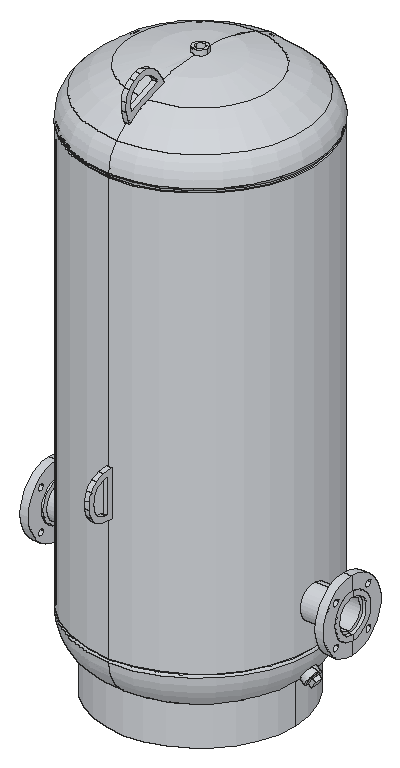
Revit family "CBT-120-3", category Generic Models, Revit 2014
Parameters (values of type "CBT-120-3")
  URL = "http://westank.com/"
  Tank Volume = 120.00 gal
  Shipping Weight = 410.00 lbf
  Part Number = 55240120
  Model = "CBT-120-3"
  Flange Connector Diameter = 3"
  Description = "Wessels ASME Chilled Water Buffer Tanks (CBT) are designed for chilled water systems with insufficient water volume capacity in relation to the chiller capacity."
  D = 12 1/2"
  C = 19.99807"
  B = 60"
  A = 24"
Reference planes (in)
  plane 1 "Center (Front/Back)": y = 0
  plane 2: z = 0
  plane 3 "Center (Left/Right)": x = 0
  plane 4: through (12.55282, -180, 5.24135) normal (0.8192, 0, -0.5736)
  plane 5: z = 60
  plane 6: x = -9.99904
  plane 7: x = 9.99904
  plane 8: x = -12
  plane 9: x = 12
  plane 10: y = 12
  plane 11: y = -12
  plane 12: z = 12.5
Forms (in)
  Revolve 1, solid
    sketch origin (0, 0, 0) x (0, 1, 0) y (0, 0, 1)
      loop
        arc (-9.83101, 4.11424) -> (-7.79074, 2.94425) -> (-5.56568, 2.18221) r 12.35166
        arc (-5.56568, 2.18221) -> (-4.72655, 1.99447) -> (-3.88233, 1.83116) r 29.62981
        arc (-3.88233, 1.83116) -> (-1.94875, 1.5746) -> (0, 1.4915) r 21.84895
        line (0, 1.4915) -> (0, 1.65929)
        arc (0, 1.65929) -> (-1.35631, 1.72935) -> (-2.7096, 1.84384) r 41.42336
        arc (-2.7096, 1.84384) -> (-4.29668, 2.07784) -> (-5.85586, 2.45541) r 17.59706
        arc (-5.85586, 2.45541) -> (-7.96801, 3.24984) -> (-9.93425, 4.35719) r 14.74916
        arc (-9.93425, 4.35719) -> (-11.28742, 5.80966) -> (-11.85018, 7.71336) r 4.32984
        arc (-11.85018, 7.71336) -> (-11.81699, 7.79381) -> (-11.76254, 7.86171) r 0.30676
        arc (-11.76254, 7.86171) -> (-11.65716, 8.06319) -> (-11.7003, 8.28643) r 0.3444
        line (-11.7003, 8.28643) -> (-11.84851, 8.28643) -> (-11.84851, 53.23643) -> (-11.64597, 53.23643)
        arc (-11.64597, 53.23643) -> (-11.68669, 53.50997) -> (-11.81863, 53.75302) r 0.7952
        arc (-11.81863, 53.75302) -> (-11.84499, 53.79032) -> (-11.86692, 53.83038) r 0.40051
        arc (-11.86692, 53.83038) -> (-11.57837, 55.15816) -> (-10.81368, 56.28132) r 3.5625
        arc (-10.81368, 56.28132) -> (-9.13055, 57.64322) -> (-7.20864, 58.64022) r 10.74973
        arc (-7.20864, 58.64022) -> (-3.66872, 59.63274) -> (0, 59.87064) r 17.65577
        line (0, 59.87064) -> (0, 60.02076)
        arc (0, 60.02076) -> (-3.69689, 59.7801) -> (-7.26395, 58.77965) r 17.80577
        arc (-7.26395, 58.77965) -> (-9.21268, 57.76874) -> (-10.9193, 56.38783) r 10.89973
        arc (-10.9193, 56.38783) -> (-11.72267, 55.20221) -> (-12.01747, 53.80072) r 3.7125
        arc (-12.01747, 53.80072) -> (-11.98199, 53.72714) -> (-11.93601, 53.65963) r 0.55051
        arc (-11.93601, 53.65963) -> (-11.85613, 53.53057) -> (-11.80861, 53.38643) r 0.6452
        line (-11.80861, 53.38643) -> (-11.99851, 53.38643) -> (-11.99851, 8.13643) -> (-11.80492, 8.13643)
        arc (-11.80492, 8.13643) -> (-11.81524, 8.04663) -> (-11.86505, 7.97121) r 0.1944
        arc (-11.86505, 7.97121) -> (-11.95237, 7.85922) -> (-12.00107, 7.72583) r 0.45676
        arc (-12.00107, 7.72583) -> (-11.36713, 5.64899) -> (-9.83101, 4.11424) r 4.47984
      axis (0, 1.4915) -> (0, 60.02076)
    angle from 0 to 360
  Revolve 2, solid
    sketch origin (0, 0, 0) x (-1, 0, 0) y (0, 0, 1)
      loop
        line (14.8125, 10.81055) -> (14.8125, 10.37805) -> (15.0625, 10.37805) -> (15.0625, 8.75) -> (15.94384, 8.75) -> (15.94384, 10.00282) -> (16, 10.00282) -> (16, 10.81055) -> (14.8125, 10.81055)
      axis (16, 12.5) -> (14.8125, 12.5)
    angle from 0 to 360
  Revolve 3, solid
    sketch origin (0, 0, 0) x (1, 0, 0) y (0, 0, 1)
      loop
        line (11.71753, 6.11956) -> (11.66586, 6.1556) -> (11.25436, 5.56561) -> (11.86992, 5.13627) -> (12.24588, 5.6753) -> (12.19462, 5.71106) -> (12.31904, 5.88945) -> (11.80641, 6.24699) -> (11.71753, 6.11956)
      axis (11.25436, 5.56561) -> (11.86992, 5.13627)
    angle from 0 to 360
  Extrusion 4, solid
    sketch origin (12.55282, -180, 5.24135) x (0.573576, 0, 0.819152) y (0, -1, 0)
      loop
        line (-0.16036, -179.52645) -> (-0.95521, -179.68698) -> (-0.79485, -180.48095) -> (0, -180.32042) -> (-0.16036, -179.52645)
    from -1.04121 to 0
  Extrusion 5, solid
    sketch origin (0, 0, 0) x (0, 1, 0) y (0, 0, 1)
      loop
        line (-11.93439, 21.33067) -> (-11.93439, 26.202)
        arc (-11.93439, 26.202) -> (-12.47846, 26.15164) -> (-13.01533, 26.05008) r 5.77422
        arc (-13.01533, 26.05008) -> (-13.49297, 25.89754) -> (-13.94252, 25.67548) r 3.35288
        arc (-13.94252, 25.67548) -> (-14.34081, 25.36666) -> (-14.64962, 24.96837) r 2.0073
        arc (-14.64962, 24.96837) -> (-14.80343, 24.58932) -> (-14.88788, 24.18906) r 2.30742
        arc (-14.88788, 24.18906) -> (-14.91277, 23.77188) -> (-14.88788, 23.3547) r 3.50846
        arc (-14.88788, 23.3547) -> (-14.79412, 22.92876) -> (-14.61961, 22.52904) r 2.24053
        arc (-14.61961, 22.52904) -> (-14.27401, 22.08806) -> (-13.80999, 21.77406) r 1.8078
        arc (-13.80999, 21.77406) -> (-13.34321, 21.55591) -> (-12.84107, 21.44044) r 2.44481
        arc (-12.84107, 21.44044) -> (-12.39043, 21.36326) -> (-11.93439, 21.33067) r 4.65484
      loop
        arc (-12.44611, 25.63929) -> (-12.67227, 25.60073) -> (-12.89654, 25.55235) r 5.2625
        arc (-12.89654, 25.55235) -> (-13.30128, 25.42308) -> (-13.68221, 25.23491) r 2.84116
        arc (-13.68221, 25.23491) -> (-13.97364, 25.01013) -> (-14.20134, 24.72098) r 1.49558
        arc (-14.20134, 24.72098) -> (-14.3163, 24.43235) -> (-14.37979, 24.12821) r 1.7957
        arc (-14.37979, 24.12821) -> (-14.40106, 23.77188) -> (-14.37979, 23.41555) r 2.99674
        arc (-14.37979, 23.41555) -> (-14.30745, 23.08689) -> (-14.17279, 22.77846) r 1.72881
        arc (-14.17279, 22.77846) -> (-13.91552, 22.45353) -> (-13.56884, 22.22643) r 1.29608
        arc (-13.56884, 22.22643) -> (-13.1779, 22.0402) -> (-12.75531, 21.94566) r 1.9331
        arc (-12.75531, 21.94566) -> (-12.60126, 21.91347) -> (-12.44611, 21.88716) r 4.14312
        line (-12.44611, 21.88716) -> (-12.44611, 25.63929)
    from -0.24366 to 0.25634
  Extrusion 6, solid
    sketch origin (0, -25.23675, 38.88211) x (0, 0.366501, -0.930418) y (0, 0.930418, 0.366501)
      loop
        line (-11.41103, 21.34851) -> (-11.41103, 26.20181)
        arc (-11.41103, 26.20181) -> (-12.2185, 26.18219) -> (-13.01533, 26.05008) r 5.77422
        arc (-13.01533, 26.05008) -> (-13.49297, 25.89754) -> (-13.94252, 25.67548) r 3.35288
        arc (-13.94252, 25.67548) -> (-14.34081, 25.36666) -> (-14.64962, 24.96837) r 2.0073
        arc (-14.64962, 24.96837) -> (-14.80343, 24.58932) -> (-14.88788, 24.18906) r 2.30742
        arc (-14.88788, 24.18906) -> (-14.91277, 23.77188) -> (-14.88788, 23.3547) r 3.50846
        arc (-14.88788, 23.3547) -> (-14.79412, 22.92876) -> (-14.61961, 22.52904) r 2.24053
        arc (-14.61961, 22.52904) -> (-14.27401, 22.08806) -> (-13.80999, 21.77406) r 1.8078
        arc (-13.80999, 21.77406) -> (-13.34321, 21.55591) -> (-12.84107, 21.44044) r 2.44481
        arc (-12.84107, 21.44044) -> (-12.12961, 21.33911) -> (-11.41103, 21.34851) r 4.65484
      loop
        arc (-12.44611, 25.63929) -> (-12.67227, 25.60073) -> (-12.89654, 25.55235) r 5.2625
        arc (-12.89654, 25.55235) -> (-13.30128, 25.42308) -> (-13.68221, 25.23491) r 2.84116
        arc (-13.68221, 25.23491) -> (-13.97364, 25.01013) -> (-14.20134, 24.72098) r 1.49558
        arc (-14.20134, 24.72098) -> (-14.3163, 24.43235) -> (-14.37979, 24.12821) r 1.7957
        arc (-14.37979, 24.12821) -> (-14.40106, 23.77188) -> (-14.37979, 23.41555) r 2.99674
        arc (-14.37979, 23.41555) -> (-14.30745, 23.08689) -> (-14.17279, 22.77846) r 1.72881
        arc (-14.17279, 22.77846) -> (-13.91552, 22.45353) -> (-13.56884, 22.22643) r 1.29608
        arc (-13.56884, 22.22643) -> (-13.1779, 22.0402) -> (-12.75531, 21.94566) r 1.9331
        arc (-12.75531, 21.94566) -> (-12.60126, 21.91347) -> (-12.44611, 21.88716) r 4.14312
        line (-12.44611, 21.88716) -> (-12.44611, 25.63929)
    from -0.24366 to 0.25634
  Extrusion 7, solid
    sketch origin (0, 0, 0) x (1, 0, 0) y (0, 1, 0)
      loop
        circle (0, 0) r 0.75
      loop
        circle (0, 0) r 0.5
    from 58.5833 to 60.52076
  Extrusion 8, void
    sketch origin (0, 0.13917, 0.41751) x (0, 1, 0) y (0, 0, -1)
      loop
        circle (1.94931, -14.19258) r 0.38097
      loop
        circle (-2.26671, -14.20039) r 0.38097
      loop
        circle (1.98561, -9.97861) r 0.38097
      loop
        circle (-2.26819, -9.95037) r 0.38097
    from 13.18334 to 17.21816
  Extrusion 9, void
    sketch origin (0, 0, 0) x (1, 0, 0) y (0, 1, 0)
      loop
        circle (0, 0) r 0.5
    from 58.5833 to 62.3834
  Revolve 10, solid
    sketch origin (0, 0, 0) x (1, 0, 0) y (0, 0, 1)
      loop
        line (9.87513, 4.44941) -> (9.87513, 0) -> (10.00001, 0) -> (10.00001, 4.44941) -> (9.87513, 4.44941)
      axis (0, 4.44941) -> (0, 0)
    angle from 0 to 360
  Revolve 11, solid
    sketch origin (0, 0, 0) x (1, 0, 0) y (0, 0, 1)
      loop
        line (-11.375, 10.96686) -> (-15.625, 10.96686) -> (-15.625, 10.75017) -> (-11.375, 10.75017) -> (-11.375, 10.96686)
      axis (-15.625, 12.5) -> (-11.375, 12.5)
    angle from 0 to 360
  Extrusion 12, void
    sketch origin (0, 0, 0) x (0, 1, 0) y (0, 0, 1)
      loop
        circle (0, 12.5) r 1.68945
    from -18.86806 to 18.76515
  Revolve 13, solid
    sketch origin (0, 0, 0) x (1, 0, 0) y (0, 0, 1)
      loop
        line (14.8125, 10.71783) -> (14.8125, 10.37829) -> (15.0625, 10.37829) -> (15.0625, 8.75) -> (15.94384, 8.75) -> (15.94384, 10.1875) -> (16.00634, 10.1875) -> (16.00634, 10.71783) -> (14.8125, 10.71783)
      axis (16.00634, 12.5) -> (14.8125, 12.5)
    angle from 0 to 360
  Extrusion 14, void
    sketch origin (0, -0.18652, 0.42117) x (0, 1, 0) y (0, 0, 1)
      loop
        circle (2.27451, 14.21334) r 0.38097
      loop
        circle (-1.94931, 14.19258) r 0.38097
      loop
        circle (2.31031, 9.95638) r 0.38097
      loop
        circle (-1.94239, 9.95939) r 0.38097
    from 13.18334 to 17.21816
  Revolve 15, solid
    sketch origin (0, 0, 0) x (-1, 0, 0) y (0, 0, 1)
      loop
        line (-11.375, 10.96734) -> (-15.61866, 10.96734) -> (-15.61866, 10.7522) -> (-11.375, 10.7522) -> (-11.375, 10.96734)
      axis (-15.61866, 12.5) -> (-11.375, 12.5)
    angle from 0 to 360
Cuts and joins
  Extrusion 8, Extrusion 14 cuts Revolve 2
  Extrusion 9, Extrusion 12 cuts Revolve 1
  joined: Revolve 1, Extrusion 4, Extrusion 5, Extrusion 6, Extrusion 7, Revolve 10, Revolve 11, Revolve 15
  Extrusion 14 cuts Revolve 13
Dimensions and locks (in)
  "B": plane 5 to level
  "C": plane 7 to plane 6
  equal spacing: plane 9, plane 3 "Center (Left/Right)", plane 8
  "A": plane 9 to plane 8
  "D": plane 12 to level
  aligned and locked: plane 2 to level
  aligned and locked: Revolve 1 sketch curve to Revolve 1 sketch curve
  aligned and locked: Revolve 10 sketch curve to plane 3 "Center (Left/Right)"
Automatic sketch dimensions
  Revolve 1 sketch curve to Revolve 1 sketch curve = 0"  (x35)
  Revolve 1 sketch curve to plane 1 "Center (Front/Back)" = 0"  (x2)
  plane 1 "Center (Front/Back)" to Revolve 1 sketch curve = 0.04449"
  plane 1 "Center (Front/Back)" to Revolve 1 sketch curve = 0.69809"
  plane 1 "Center (Front/Back)" to Revolve 1 sketch curve = 0.93901"
  plane 1 "Center (Front/Back)" to Revolve 1 sketch curve = 1.73475"
  Revolve 1 sketch curve to Revolve 1 sketch curve = 0.95959"
  plane 1 "Center (Front/Back)" to Revolve 1 sketch curve = 3.24468"
  Revolve 1 sketch curve to plane 11 = 4.47284"
  Revolve 1 sketch curve to plane 11 = 3.69471"
  Revolve 1 sketch curve to plane 11 = 0.49477"
  Revolve 1 sketch curve to plane 11 = 0.44712"
  Revolve 1 sketch curve to plane 11 = 0.35403"
  Revolve 1 sketch curve to plane 11 = 0.2997"
  Revolve 1 sketch curve to Revolve 1 sketch curve = 0.10462"
  Revolve 1 sketch curve to plane 11 = 49/256"
  Revolve 1 sketch curve to plane 11 = 0.15149"
  Revolve 1 sketch curve to plane 11 = 0.00208"
  Revolve 1 sketch curve to plane 11 = 0.00149"
  plane 11 to Revolve 1 sketch curve = 0.44088"
  Revolve 1 sketch curve to plane 1 "Center (Front/Back)" = 1.32224"
  Revolve 1 sketch curve to plane 1 "Center (Front/Back)" = 1.45836"
  Revolve 1 sketch curve to Revolve 1 sketch curve = 0.15"  (x2)
  Revolve 1 sketch curve to Revolve 1 sketch curve = 0.02331"
  Revolve 1 sketch curve to Revolve 1 sketch curve = 0.33015"
  Revolve 1 sketch curve to Revolve 1 sketch curve = 0.49864"
  level to Revolve 1 sketch curve = 1.65929"
  Revolve 1 sketch curve to Revolve 1 sketch curve = 0.16779"
  Revolve 1 sketch curve to Revolve 1 sketch curve = 2.42164"
  Revolve 1 sketch curve to Revolve 1 sketch curve = 2.73447"
  Revolve 1 sketch curve to Revolve 1 sketch curve = 3.98882"
  Revolve 1 sketch curve to Revolve 1 sketch curve = 7.65989"
  Revolve 1 sketch curve to Revolve 1 sketch curve = 11.22838"
  Revolve 1 sketch curve to Revolve 1 sketch curve = 0.8283"
  Revolve 1 sketch curve to Revolve 1 sketch curve = 6.41936"
  Revolve 1 sketch curve to plane 5 = 6.76357"
  Revolve 1 sketch curve to Revolve 1 sketch curve = 0.02147"
  Revolve 1 sketch curve to Revolve 1 sketch curve = 0.5152"
  Revolve 1 sketch curve to Revolve 1 sketch curve = 0.61597"
  Revolve 1 sketch curve to plane 5 = 0.12936"
  plane 5 to Revolve 1 sketch curve = 0.02076"
  Revolve 1 sketch curve to Revolve 1 sketch curve = 0.10324"
  Revolve 1 sketch curve to Revolve 1 sketch curve = 0.06037"
  Revolve 3 sketch curve to plane 9 = 0.74564"
  Revolve 3 sketch curve to plane 9 = 0.33414"
  Revolve 3 sketch curve to Revolve 3 sketch curve = 0.05167"
  Revolve 3 sketch curve to Revolve 3 sketch curve = 0.08888"
  Revolve 3 sketch curve to plane 9 = 0.13008"
  plane 9 to Revolve 3 sketch curve = 0.19462"
  Revolve 3 sketch curve to Revolve 3 sketch curve = 0.05126"
  level to Revolve 3 sketch curve = 5.13627"
  Revolve 3 sketch curve to Revolve 3 sketch curve = 0.42934"
  Revolve 3 sketch curve to Revolve 3 sketch curve = 0.12768"
  Revolve 3 sketch curve to Revolve 3 sketch curve = 0"  (x2)
  Revolve 3 sketch curve to Revolve 3 sketch curve = 0.08905"
  plane 1 "Center (Front/Back)" to Extrusion 4 sketch curve = 0.31302"
  Extrusion 4 sketch curve to plane 1 "Center (Front/Back)" = 0.48095"
  Extrusion 4 sketch curve to Extrusion 4 sketch curve = 0.16036"  (x2)
  plane 1 "Center (Front/Back)" to Extrusion 4 sketch curve = 0.47355"
  Extrusion 4 sketch curve to Extrusion 4 sketch curve = 0.79485"
  Extrusion 4 sketch curve to plane 1 "Center (Front/Back)" = 0.32042"
  Extrusion 5 sketch curve to Extrusion 5 sketch curve = 0"  (x33)
  plane 11 to Extrusion 5 sketch curve = 1.04109"
  Extrusion 5 sketch curve to Extrusion 5 sketch curve = 0.11966"
  Extrusion 5 sketch curve to Extrusion 5 sketch curve = 0.25819"
  Extrusion 5 sketch curve to Extrusion 5 sketch curve = 17/256"
  Extrusion 5 sketch curve to Extrusion 5 sketch curve = 0.04958"
  plane 11 to Extrusion 5 sketch curve = 0.44611"
  plane 11 to Extrusion 5 sketch curve = 0.23696"
  Extrusion 5 sketch curve to plane 11 = 0.06561"
  Extrusion 5 sketch curve to plane 11 = 0.16899"
  Extrusion 5 sketch curve to plane 11 = 0.32516"
  Extrusion 5 sketch curve to plane 11 = 0.59568"
  Extrusion 5 sketch curve to Extrusion 5 sketch curve = 0.89706"
  Extrusion 5 sketch curve to Extrusion 5 sketch curve = 0.55648"
  Extrusion 5 sketch curve to Extrusion 5 sketch curve = 0.90165"
  Extrusion 5 sketch curve to Extrusion 5 sketch curve = 0.62139"
  Extrusion 5 sketch curve to Extrusion 5 sketch curve = 27/128"
  Extrusion 5 sketch curve to Extrusion 5 sketch curve = 0.15076"
  Extrusion 5 sketch curve to Extrusion 5 sketch curve = 0.24641"
  Extrusion 5 sketch curve to Extrusion 5 sketch curve = 0.04716"
  Extrusion 5 sketch curve to Extrusion 5 sketch curve = 0.0326"
  Extrusion 5 sketch curve to Extrusion 5 sketch curve = 1.7246"
  Extrusion 5 sketch curve to Extrusion 5 sketch curve = 0.34507"
  Extrusion 5 sketch curve to Extrusion 5 sketch curve = 0.21764"
  Extrusion 5 sketch curve to Extrusion 5 sketch curve = 1.12273"
  Extrusion 5 sketch curve to Extrusion 5 sketch curve = 0.78568"
  Extrusion 5 sketch curve to Extrusion 5 sketch curve = 0.24115"
  Extrusion 5 sketch curve to Extrusion 5 sketch curve = 0.2603"
  Extrusion 5 sketch curve to Extrusion 5 sketch curve = 0.60395"
  Extrusion 5 sketch curve to Extrusion 5 sketch curve = 0.51913"
  Extrusion 5 sketch curve to Extrusion 5 sketch curve = 0.44682"
  Extrusion 5 sketch curve to Extrusion 5 sketch curve = 0.44829"
  Extrusion 6 sketch curve to Extrusion 6 sketch curve = 0"  (x24)
  Extrusion 6 sketch curve to plane 5 = 0.40436"
  Extrusion 6 sketch curve to plane 11 = 3.76493"
  Extrusion 6 sketch curve to Extrusion 6 sketch curve = 0.11966"
  Extrusion 6 sketch curve to Extrusion 6 sketch curve = 0.25819"
  Extrusion 6 sketch curve to Extrusion 6 sketch curve = 17/256"
  Extrusion 6 sketch curve to Extrusion 6 sketch curve = 0.04958"
  Extrusion 6 sketch curve to Extrusion 6 sketch curve = 0.59499"
  Extrusion 6 sketch curve to Extrusion 6 sketch curve = 0.20915"
  Extrusion 6 sketch curve to Extrusion 6 sketch curve = 0.6151"
  Extrusion 6 sketch curve to Extrusion 6 sketch curve = 0.77126"
  Extrusion 6 sketch curve to Extrusion 6 sketch curve = 0.41998"
  Extrusion 6 sketch curve to Extrusion 6 sketch curve = 1.14294"
  Extrusion 6 sketch curve to Extrusion 6 sketch curve = 0.62139"
  Extrusion 6 sketch curve to Extrusion 6 sketch curve = 0.90165"
  Extrusion 6 sketch curve to Extrusion 6 sketch curve = 0.53865"
  Extrusion 6 sketch curve to Extrusion 6 sketch curve = 0.91489"
  Extrusion 6 sketch curve to Extrusion 6 sketch curve = 27/128"
  Extrusion 6 sketch curve to Extrusion 6 sketch curve = 0.15076"
  Extrusion 6 sketch curve to Extrusion 6 sketch curve = 0.24641"
  Extrusion 6 sketch curve to Extrusion 6 sketch curve = 0.04716"
  Extrusion 6 sketch curve to Extrusion 6 sketch curve = 0.0326"
  Extrusion 6 sketch curve to Extrusion 6 sketch curve = 1.7246"
  Extrusion 6 sketch curve to Extrusion 6 sketch curve = 0.34507"
  Extrusion 6 sketch curve to Extrusion 6 sketch curve = 0.21744"
  Extrusion 6 sketch curve to Extrusion 6 sketch curve = 1.12273"
  Extrusion 6 sketch curve to Extrusion 6 sketch curve = 0.78568"
  Extrusion 6 sketch curve to Extrusion 6 sketch curve = 0.24115"
  Extrusion 6 sketch curve to Extrusion 6 sketch curve = 0.2603"
  Extrusion 6 sketch curve to Extrusion 6 sketch curve = 0.60395"
  Extrusion 6 sketch curve to Extrusion 6 sketch curve = 0.51913"
  Extrusion 6 sketch curve to Extrusion 6 sketch curve = 0.44682"
  Extrusion 6 sketch curve to Extrusion 6 sketch curve = 0.44829"
  Extrusion 7 sketch curve to Extrusion 7 sketch curve = 0"  (x2)
  plane 1 "Center (Front/Back)" to Extrusion 7 sketch curve = 0"
  Extrusion 7 sketch curve to plane 3 "Center (Left/Right)" = 0"
  Extrusion 9 sketch curve to Extrusion 9 sketch curve = 0"  (x2)
  plane 1 "Center (Front/Back)" to Extrusion 9 sketch curve = 0"
  Extrusion 9 sketch curve to plane 3 "Center (Left/Right)" = 0"
  Extrusion 9 sketch curve to plane 3 "Center (Left/Right)" = 1/2"
  Revolve 10 sketch curve to level = 0"
  Revolve 10 sketch curve to plane 7 = 0.12391"
  plane 7 to Revolve 10 sketch curve = 0.00098"
  Revolve 10 sketch curve to Revolve 10 sketch curve = 4.44941"
  level to Revolve 10 sketch curve = 4.69941"
  Revolve 10 sketch curve to Revolve 10 sketch curve = 1"
  Revolve 11 sketch curve to plane 12 = 0"
  Revolve 11 sketch curve to plane 8 = 3 5/8"
  plane 8 to Revolve 11 sketch curve = 5/8"
  Revolve 11 sketch curve to Revolve 11 sketch curve = 0.2167"
  Revolve 11 sketch curve to plane 8 = 1.13134"
  Revolve 11 sketch curve to Revolve 11 sketch curve = 0.36015"
  Revolve 15 sketch curve to plane 12 = 0"
  Revolve 15 sketch curve to plane 9 = 3.61866"
  plane 9 to Revolve 15 sketch curve = 5/8"
  Revolve 15 sketch curve to Revolve 15 sketch curve = 0.21515"
  Revolve 15 sketch curve to plane 9 = 1.07817"
  Revolve 15 sketch curve to Revolve 15 sketch curve = 0.36015"
  Revolve 13 sketch curve to plane 12 = 0"
  plane 9 to Revolve 13 sketch curve = 2 13/16"
  Revolve 13 sketch curve to Revolve 13 sketch curve = 1/4"
  Revolve 13 sketch curve to Revolve 13 sketch curve = 0.88134"
  Revolve 13 sketch curve to Revolve 13 sketch curve = 1/16"
  Revolve 13 sketch curve to Revolve 13 sketch curve = 0.33954"
  Revolve 13 sketch curve to Revolve 13 sketch curve = 0.53033"
  Revolve 13 sketch curve to Revolve 13 sketch curve = 1.62829"
  Revolve 13 sketch curve to Revolve 13 sketch curve = 0.63066"
  Revolve 13 sketch curve to Revolve 13 sketch curve = 0.68278"
  level to Revolve 1 sketch curve = 7.63778"
  plane 12 to Revolve 1 sketch curve = 1.69548"
  plane 12 to Extrusion 5 sketch curve = 7.93362"
  Revolve 11 sketch curve to plane 12 = 1.53314"
  Revolve 13 sketch curve to plane 12 = 1.78217"
  plane 12 to Revolve 15 sketch curve = 1.53266"
  Revolve 2 sketch curve to plane 12 = 0"
  plane 8 to Revolve 2 sketch curve = 2 13/16"
  Revolve 2 sketch curve to Revolve 2 sketch curve = 1/4"
  Revolve 2 sketch curve to Revolve 2 sketch curve = 0.88134"
  Revolve 2 sketch curve to Revolve 2 sketch curve = 0.05616"
  plane 12 to Revolve 2 sketch curve = 1.68945"
  Revolve 2 sketch curve to Revolve 2 sketch curve = 0.4325"
  Revolve 2 sketch curve to Revolve 2 sketch curve = 0.80773"
  Revolve 2 sketch curve to Revolve 2 sketch curve = 1.25282"
  Revolve 2 sketch curve to Revolve 2 sketch curve = 0.63066"
  Revolve 2 sketch curve to Revolve 2 sketch curve = 0.68278"
  plane 1 "Center (Front/Back)" to Extrusion 8 sketch curve = 2.12902"
  plane 1 "Center (Front/Back)" to Extrusion 8 sketch curve = 2.12754"
  Extrusion 8 sketch curve to plane 1 "Center (Front/Back)" = 2.08848"
  Extrusion 8 sketch curve to plane 1 "Center (Front/Back)" = 2.12478"
  plane 12 to Extrusion 8 sketch curve = 2.1179"
  plane 12 to Extrusion 8 sketch curve = 2.11009"
  Extrusion 8 sketch curve to plane 12 = 2.10389"
  Extrusion 8 sketch curve to plane 12 = 2.13212"
  plane 1 "Center (Front/Back)" to Extrusion 14 sketch curve = 2.13583"
  plane 1 "Center (Front/Back)" to Extrusion 14 sketch curve = 2 33/256"
  Extrusion 14 sketch curve to plane 1 "Center (Front/Back)" = 2.08799"
  Extrusion 14 sketch curve to plane 1 "Center (Front/Back)" = 2.12379"
  Extrusion 14 sketch curve to plane 12 = 2.12245"
  Extrusion 14 sketch curve to plane 12 = 2.11944"
  plane 12 to Extrusion 14 sketch curve = 2.11375"
  plane 12 to Extrusion 14 sketch curve = 2.1345"
  Extrusion 12 sketch curve to plane 1 "Center (Front/Back)" = 0"
  Extrusion 12 sketch curve to plane 12 = 0"
  Extrusion 12 sketch curve to Extrusion 12 sketch curve = 1.68945"
  radius of Extrusion 7 sketch curve = 3/4"
  radius of Extrusion 7 sketch curve = 1/2"
  radius of Extrusion 8 sketch curve = 0.38097"  (x4)
  radius of Extrusion 14 sketch curve = 0.38097"  (x4)
Connectors (in)
  piping at (16.00634, 0, 12.5), diameter 3, driven by "Flange Connector Diameter"
    settings: on cut or joined group of Revolve 13, Extrusion 14, index 1, connector inside diameter 24", connector length 0", flow factor 0, pipe flow 0 GPM, pressure drop 0.00 psi, fitting loss kfactor 0, connector angle 0.00°, fixture units 0, engagement length 0", angle of deflection 0.00°, flow configuration 0, flow direction 0, fitting loss method 0, system type 7, joint type 0, gender type 0, connector reference index 2, connector utility 0, adjustable connector no, is connector primary yes, connector description ""
  piping at (-16, 0, 12.5), diameter 3, driven by "Flange Connector Diameter"
    settings: on Revolve 2, index 2, connector inside diameter 24", connector length 0", flow factor 0, pipe flow 0 GPM, pressure drop 0.00 psi, fitting loss kfactor 0, connector angle 0.00°, fixture units 0, engagement length 0", angle of deflection 0.00°, flow configuration 0, flow direction 0, fitting loss method 0, system type 7, joint type 0, gender type 0, connector reference index 1, connector utility 0, adjustable connector no, is connector primary no, connector description ""
